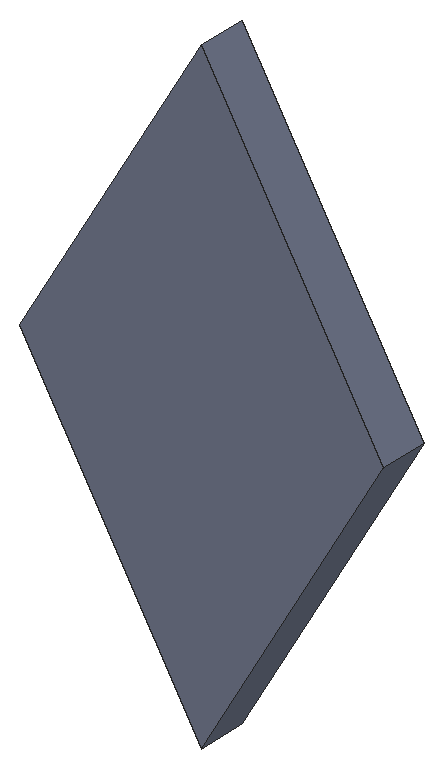
Revit family "Dimaond 3D Small", category Generic Models, Revit 2019
Family settings
  Can host rebar = No
  Round Connector Dimension = Use Diameter
  Part Type = Normal
  Work Plane-Based = No
  Always vertical = Yes
  Cut with Voids When Loaded = Yes
  Shared = No
  Room Calculation Point = No
Parameters
  XOREL TEXTILE = Meteor 751
Reference planes (in)
  plane 1 "Center (Front/Back)": y = 0
  plane 2: z = 0
  plane 3 "Center (Left/Right)": x = 0
Forms (in)
  Extrusion 1, solid, material "Meteor 751" <- "XOREL TEXTILE"
    sketch origin (0, 0, 0) x (1, 0, 0) y (0, 0, 1)
      loop
        line (0, 8) -> (-4.6188, 0) -> (0, -8) -> (4.6188, 0) -> (0, 8)
    from 0 to 1.25
  Extrusion 2, void
    sketch origin (0, 0, 0) x (0, 1, 0) y (0, 0, 1)
      loop
        line (-1.25, 0) -> (-0.98438, 8.5) -> (-1.25, 8.5) -> (-1.25, 0)
    from -5.36895 to 5.62124
  Extrusion 3, void
    sketch origin (0, 0, 0) x (0, 1, 0) y (0, 0, 1)
      loop
        line (-1.25, 0) -> (-1.25, -8.5) -> (-0.98438, -8.5) -> (-1.25, 0)
    from -5.36895 to 5.62124
Dimensions and locks (in)
  aligned and locked: plane 2 to level
